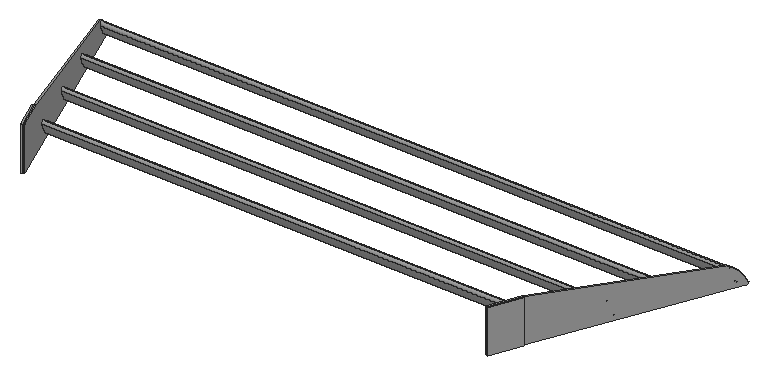
Revit family "SE-0006-FOI-2-6", category Curtain Panels, Revit 2015
Parameters (values of type "Right 112.5 - Left 112.5")
  Width [instance] = 5' - 4 1/2"
  Warning 2' = Label : Label
  Sun-Control Material = Aluminum
  Angle = SE-0006-FOI-2-6 : Right 112.5 - Left 112.5
  Analytic Construction = "<None>"
Types (25): name | Angle
  Right 90 - Left 112.5 | SE-0006-FOI-2-6 : Right 90 - Left 112.5
  Right 90 - Left 135 | SE-0006-FOI-2-6 : Right 90 - Left 135
  Right 112.5 - Left 90 | SE-0006-FOI-2-6 : Right 112.5 - Left 90
  Right 112.5 - Left 112.5 | SE-0006-FOI-2-6 : Right 112.5 - Left 112.5
  Right 112.5 - Left 135 | SE-0006-FOI-2-6 : Right 112.5 - Left 135
  Right 135 - Left 90 | SE-0006-FOI-2-6 : Right 135 - Left 90
  Right 135 - Left 112.5 | SE-0006-FOI-2-6 : Right 135 - Left 112.5
  Right 135 - Left 135 | SE-0006-FOI-2-6 : Right 135 - Left 135
  Right 45 - Left 45 | SE-0006-FOI-2-6 : Right 45 - Left 45
  Right 45 - Left 67.5 | SE-0006-FOI-2-6 : Right 45 - Left 67.5
  Right 45 - Left 90 | SE-0006-FOI-2-6 : Right 45 - Left 90
  Right 67.5 - Left 45 | SE-0006-FOI-2-6 : Right 67.5 - Left 45
  Right 67.5 - Left 67.5 | SE-0006-FOI-2-6 : Right 67.5 - Left 67.5
  Right 67.5 - Left 90 | SE-0006-FOI-2-6 : Right 67.5 - Left 90
  Right 90 - Left 45 | SE-0006-FOI-2-6 : Right 90 - Left 45
  Right 90 - Left 67.5 | SE-0006-FOI-2-6 : Right 90 - Left 67.5
  Right 45 - Left 112.5 | SE-0006-FOI-2-6 : Right 45 - Left 112.5
  Right 45 - Left 135 | SE-0006-FOI-2-6 : Right 45 - Left 135
  Right 67.5 - Left 112.5 | SE-0006-FOI-2-6 : Right 67.5 - Left 112.5
  Right 67.5 - Left 135 | SE-0006-FOI-2-6 : Right 67.5 - Left 135
  Right 112.5 - Left 45 | SE-0006-FOI-2-6 : Right 112.5 - Left 45
  Right 112.5 - Left 67.5 | SE-0006-FOI-2-6 : Right 112.5 - Left 67.5
  Right 135 - Left 45 | SE-0006-FOI-2-6 : Right 135 - Left 45
  Right 135 - Left 67.5 | SE-0006-FOI-2-6 : Right 135 - Left 67.5
  Right 90 - Left 90 | SE-0006-FOI-2-6 : Right 90 - Left 90
Reference planes (in)
  plane 1 "Front": y = 0
  plane 2: z = 0
  plane 3 "Center (Left/Right)": x = 0
  plane 4 "Left": x = -32.25
  plane 5 "Right": x = 32.25
  plane 6 "Top": z = 96
Text (in)
  text "Exterior" at (-54.29358, 31.38743, 0), in view "Ref. Level"
  text "Exterior" at (480, 41.53993, 89.60405), in view "Right"
  text "Exterior" at (-240, 57.82419, 105.78864), in view "Left"
Dimensions and locks (in)
  equal spacing: plane 4 "Left", plane 3 "Center (Left/Right)", plane 5 "Right"
  "Width": plane 4 "Left" to plane 5 "Right"
  aligned and locked: level to plane 2
  aligned and locked: plane 1 "Front" to nested 1
  aligned and locked: plane 3 "Center (Left/Right)" to nested 1
  aligned and locked: nested 1 to plane 6 "Top"
Nested families (in)
  nested 1: "SE-0006-FOI-2-6" at (6, 0, 93), Width <- "Width", type <- "Angle", Sun-Control Material <- "Sun-Control Material", type "Right 112.5 - Left 112.5"
    with Width 5' - 4 1/2", Sun-Control Material Aluminum, Minimum Width 5' - 4 1/2"
Definition of nested family "SE-0006-FOI-2-6"
  Parameters (values of type "Right 90 - Left 90")
    Left Short Depth = Left Depth - 0' 0 1/4"  # 2' - 5 3/4"
    Left Angle = 90.00°
    Minimum Width [instance] = if(and(Left Angle = 45.00°, Right Angle = 90.00°, Width < 2' 7"), 2' 7", if(and(Left Angle = 90.00°, Right Angle = 45.00°, Width < 2' 7"), 2' 7", if(and(Left Angle = 45.00°, Right Angle = 112.50°, Width < 1' 7"), 1' 7", if(and(Left Angle = 112.50°, Right Angle = 45.00°, Width < 1' 7"), 1' 7", if(and(Left Angle = 45.00°, Right Angle = 45.00°, Width < 5' 1"), 5' 1", if(and(Left Angle = 90.00°, Right Angle = 67.50°, Width < 1' 2"), 1' 2", if(and(Left Angle = 67.50°, Right Angle = 90.00°, Width < 1' 2"), 1' 2", if(and(Left Angle = 67.50°, Right Angle = 67.50°, Width < 2' 2"), 2' 2", if(and(Left Angle = 45.00°, Right Angle = 67.50°, Width < 3' 8"), 3' 8", if(and(Left Angle = 67.50°, Right Angle = 45.00°, Width < 3' 8"), 3' 8", Width))))))))))  # 8' - 0"
    Width [instance] = 8' - 0"
    Sun-Control Material [instance] = none
    Right Short Depth = Right Depth - 0' 0 1/4"  # 2' - 5 3/4"
    Right Depth = 2' - 6"
    Left Depth = 2' - 6"
    Right Angle = 90.00°
    Default Elevation = 4' - 0"
  Types (26): name | Left Short Depth | Left Angle | Minimum Width | Width | Right Short Depth | Right Depth | Left Depth | Right Angle
    (no name) | 2' - 5 3/4" | 90.00° | 8' - 0" | 8' - 0" | 2' - 5 3/4" | 2' - 6" | 2' - 6" | 90.00°
    Right 45 - Left 45 | 3' - 6 141/256" | 45.00° | 7' - 0" | 7' - 0" | 3' - 6 141/256" | 3' - 6 205/256" | 3' - 6 205/256" | 45.00°
    Right 45 - Left 67.5 | 2' - 8 3/8" | 67.50° | 5' - 0" | 5' - 0" | 3' - 6 141/256" | 3' - 6 205/256" | 2' - 8 5/8" | 45.00°
    Right 45 - Left 90 | 2' - 5 3/4" | 90.00° | 2' - 7" | 2' - 7" | 3' - 6 141/256" | 3' - 6 205/256" | 2' - 6" | 45.00°
    Right 45 - Left 112.5 | 2' - 8 17/256" | 112.50° | 8' - 0" | 8' - 0" | 3' - 6 141/256" | 3' - 6 205/256" | 2' - 8 81/256" | 45.00°
    Right 45 - Left 135 | 3' - 5 205/256" | 135.00° | 8' - 0" | 8' - 0" | 3' - 6 141/256" | 3' - 6 205/256" | 3' - 6 13/256" | 45.00°
    Right 67.5 - Left 45 | 3' - 6 141/256" | 45.00° | 8' - 0" | 8' - 0" | 2' - 8 3/8" | 2' - 8 5/8" | 3' - 6 205/256" | 67.50°
    Right 67.5 - Left 67.5 | 2' - 8 3/8" | 67.50° | 6' - 0" | 6' - 0" | 2' - 8 3/8" | 2' - 8 5/8" | 2' - 8 5/8" | 67.50°
    Right 67.5 - Left 90 | 2' - 5 3/4" | 90.00° | 8' - 0" | 8' - 0" | 2' - 8 3/8" | 2' - 8 5/8" | 2' - 6" | 67.50°
    Right 67.5 - Left 112.5 | 2' - 8 17/256" | 112.50° | 8' - 0" | 8' - 0" | 2' - 8 3/8" | 2' - 8 5/8" | 2' - 8 81/256" | 67.50°
    Right 67.5 - Left 135 | 3' - 5 205/256" | 135.00° | 8' - 0" | 8' - 0" | 2' - 8 3/8" | 2' - 8 5/8" | 3' - 6 13/256" | 67.50°
    Right 90 - Left 45 | 3' - 6 141/256" | 45.00° | 8' - 0" | 8' - 0" | 2' - 5 3/4" | 2' - 6" | 3' - 6 205/256" | 90.00°
    Right 90 - Left 67.5 | 2' - 8 3/8" | 67.50° | 1' - 2" | 1' - 2" | 2' - 5 3/4" | 2' - 6" | 2' - 8 5/8" | 90.00°
    Right 90 - Left 90 | 2' - 5 3/4" | 90.00° | 8' - 0" | 8' - 0" | 2' - 5 3/4" | 2' - 6" | 2' - 6" | 90.00°
    Right 90 - Left 112.5 | 2' - 8 17/256" | 112.50° | 8' - 0" | 8' - 0" | 2' - 5 3/4" | 2' - 6" | 2' - 8 81/256" | 90.00°
    Right 90 - Left 135 | 3' - 5 205/256" | 135.00° | 8' - 0" | 8' - 0" | 2' - 5 3/4" | 2' - 6" | 3' - 6 13/256" | 90.00°
    Right 112.5 - Left 45 | 3' - 6 141/256" | 45.00° | 1' - 7" | 1' - 0" | 2' - 8 17/256" | 2' - 8 81/256" | 3' - 6 205/256" | 112.50°
    Right 112.5 - Left 67.5 | 2' - 8 3/8" | 67.50° | 8' - 0" | 8' - 0" | 2' - 8 17/256" | 2' - 8 81/256" | 2' - 8 5/8" | 112.50°
    Right 112.5 - Left 90 | 2' - 5 3/4" | 90.00° | 8' - 0" | 8' - 0" | 2' - 8 17/256" | 2' - 8 81/256" | 2' - 6" | 112.50°
    Right 112.5 - Left 112.5 | 2' - 8 17/256" | 112.50° | 8' - 0" | 8' - 0" | 2' - 8 17/256" | 2' - 8 81/256" | 2' - 8 81/256" | 112.50°
    Right 112.5 - Left 135 | 3' - 5 205/256" | 135.00° | 8' - 0" | 8' - 0" | 2' - 8 17/256" | 2' - 8 81/256" | 3' - 6 13/256" | 112.50°
    Right 135 - Left 45 | 3' - 6 141/256" | 45.00° | 8' - 0" | 8' - 0" | 3' - 5 205/256" | 3' - 6 13/256" | 3' - 6 205/256" | 135.00°
    Right 135 - Left 67.5 | 2' - 8 3/8" | 67.50° | 8' - 0" | 8' - 0" | 3' - 5 205/256" | 3' - 6 13/256" | 2' - 8 5/8" | 135.00°
    Right 135 - Left 90 | 2' - 5 3/4" | 90.00° | 8' - 0" | 8' - 0" | 3' - 5 205/256" | 3' - 6 13/256" | 2' - 6" | 135.00°
    Right 135 - Left 112.5 | 2' - 8 17/256" | 112.50° | 8' - 0" | 8' - 0" | 3' - 5 205/256" | 3' - 6 13/256" | 2' - 8 81/256" | 135.00°
    Right 135 - Left 135 | 3' - 5 205/256" | 135.00° | 4' - 0" | 4' - 0" | 3' - 5 205/256" | 3' - 6 13/256" | 3' - 6 13/256" | 135.00°
  Reference planes (in)
    plane 1 "Center (Front/Back)": y = 0
    plane 2: z = 0
    plane 3: y = 28.51256
    plane 4: y = 30
    plane 5: y = 21.51256
    plane 6: y = 7.51256
    plane 7: z = 2.5
    plane 8: z = -2.5
    plane 9: x = 42
    plane 10: x = -54
    plane 11: y = 14.51256
    plane 12: x = -6
    plane 13: z = 3
    plane 14: z = -1.51256
  Forms (in)
    Sweep 1, solid, material <- "Sun-Control Material"
      path origin (-240, 30.25, -1.51256) x (0, 1, 0) y (-1, 0, 0)
        loop
          line (-8.73744, -184) -> (-8.73744, -284)
      profile origin (-6, 21.51256, -1.51256) x (0, 1, 0) y (0, 0, 1)
        loop
          arc (-1.13277, 1.46447) -> (-1.41421, 1.41421) -> (-1.46447, 1.13277) r 0.25
          arc (-1.46447, 1.13277) -> (-0.39775, -0.39775) -> (1.13277, -1.46447) r 5.30625
          arc (1.13277, -1.46447) -> (1.41421, -1.41421) -> (1.46447, -1.13277) r 0.25
          arc (1.46447, -1.13277) -> (0.39775, 0.39775) -> (-1.13277, 1.46447) r 5.30625
    Sweep 2, solid, material <- "Sun-Control Material"
      path origin (-240, 30.25, -1.51256) x (0, 1, 0) y (-1, 0, 0)
        loop
          line (-22.73744, -184) -> (-22.73744, -284)
      profile origin (-6, 7.51256, -1.51256) x (0, 1, 0) y (0, 0, 1)
        loop
          arc (-1.13277, 1.46447) -> (-1.41421, 1.41421) -> (-1.46447, 1.13277) r 0.25
          arc (-1.46447, 1.13277) -> (-0.39775, -0.39775) -> (1.13277, -1.46447) r 5.30625
          arc (1.13277, -1.46447) -> (1.41421, -1.41421) -> (1.46447, -1.13277) r 0.25
          arc (1.46447, -1.13277) -> (0.39775, 0.39775) -> (-1.13277, 1.46447) r 5.30625
    Extrusion 3, void
      sketch origin (-54, 0, 0) x (0, -1, 0) y (0, 0, 1)
        loop
          line (0.24272, 3.30555) -> (-53.08808, 3.30555) -> (-53.08808, -4.19445) -> (0.24272, -4.19445) -> (0.24272, 3.30555)
      from -0.375 to 40.64702
    Extrusion 4, void
      sketch origin (42, 42.5, 0) x (0, 1, 0) y (0, 0, 1)
        loop
          line (-44.5, 3.30555) -> (-44.5, -4.19445) -> (20.39744, -4.19445) -> (20.39744, 3.30555) -> (-44.5, 3.30555)
      from -0.375 to 37.309
    Sweep 5, solid, material <- "Sun-Control Material"
      path origin (-240, 30.25, -1.51256) x (0, 1, 0) y (-1, 0, 0)
        loop
          line (-15.73744, -184) -> (-15.73744, -284)
      profile origin (-6, 14.51256, -1.51256) x (0, 1, 0) y (0, 0, 1)
        loop
          arc (-1.13277, 1.46447) -> (-1.41421, 1.41421) -> (-1.46447, 1.13277) r 0.25
          arc (-1.46447, 1.13277) -> (-0.39775, -0.39775) -> (1.13277, -1.46447) r 5.30625
          arc (1.13277, -1.46447) -> (1.41421, -1.41421) -> (1.46447, -1.13277) r 0.25
          arc (1.46447, -1.13277) -> (0.39775, 0.39775) -> (-1.13277, 1.46447) r 5.30625
    Sweep 6, solid, material <- "Sun-Control Material"
      path origin (-240, 30.25, -1.51256) x (0, 1, 0) y (-1, 0, 0)
        loop
          line (-1.73744, -184) -> (-1.73744, -284)
      profile origin (-6, 28.51256, -1.51256) x (0, 1, 0) y (0, 0, 1)
        loop
          arc (-1.13277, 1.46447) -> (-1.41421, 1.41421) -> (-1.46447, 1.13277) r 0.25
          arc (-1.46447, 1.13277) -> (-0.39775, -0.39775) -> (1.13277, -1.46447) r 5.30625
          arc (1.13277, -1.46447) -> (1.41421, -1.41421) -> (1.46447, -1.13277) r 0.25
          arc (1.46447, -1.13277) -> (0.39775, 0.39775) -> (-1.13277, 1.46447) r 5.30625
  Cuts and joins
    Extrusion 3, Extrusion 4 cuts Sweep 2
    Extrusion 3, Extrusion 4 cuts Sweep 1
    Extrusion 3, Extrusion 4 cuts Sweep 5
    Extrusion 3, Extrusion 4 cuts Sweep 6
  Lines and regions (in)
    model lines, not visible
      curve 1: line (-18.34586, 28.51256, -38.4375) -> (-18.34586, 28.51256, -38.5)
    reference lines
      curve 2: line (-54, 0, 0) -> (-54, 39, 0)
      curve 3: line (-56, 45.96194, 0) -> (-56, 0, 0)
      curve 4: line (42, 42.5, 0) -> (42, 0, 0)
      curve 5: line (44, 43.13353, 0) -> (44, 0, 0)
      curve 6: line (42, 7.51256, 0) -> (42, 9.76256, 0)
      curve 7: line (42, 14.51256, 0) -> (42, 16.76256, 0)
      curve 8: line (42, 21.51256, 0) -> (42, 24.25, 0)
      curve 9: line (42, 28.51256, 0) -> (42, 29.5, 0)
      curve 10: line (-54, 28.51256, 0) -> (-54, 29.11171, 0)
      curve 11: line (-54, 21.51256, 0) -> (-54, 24.25, 0)
      curve 12: line (-54, 14.51256, 0) -> (-54, 16.01256, 0)
      curve 13: line (-54, 7.51256, 0) -> (-54, 9.26256, 0)
  Dimensions and locks (in)
    equal spacing: plane 7, plane 2, plane 8
    plane 4 to plane 1 "Center (Front/Back)" = 2' - 6"
    "Minimum Width": plane 10 to plane 9
    locked: nested 1 to plane 1 "Center (Front/Back)" at 0
    locked: nested 1 to plane 10 at 0
    locked: curve 2 to plane 10
    locked: plane 1 "Center (Front/Back)" to curve 2 at 0
    locked: curve 3 to plane 10 at 2
    locked: plane 1 "Center (Front/Back)" to curve 3 at 0
    locked: nested 2 to plane 1 "Center (Front/Back)" at 0
    locked: nested 2 to plane 9 at 0
    locked: plane 1 "Center (Front/Back)" to curve 4 at 0
    locked: plane 1 "Center (Front/Back)" to curve 5
    locked: plane 9 to curve 5 at 2
    locked: curve 4 to plane 9
    plane 3 to plane 5 = 0' - 7"
    plane 5 to plane 11 = 0' - 7"
    plane 11 to plane 6 = 0' - 7"
    equal spacing: plane 10, plane 12, plane 9
    locked: plane 13 to plane 2 at 3
    locked: plane 2 to plane 14 at 1.51256
    "Right Angle": angle plane 1 "Center (Front/Back)" to nested 1
    "Right Angle": angle plane 1 "Center (Front/Back)" to curve 2
    "Right Angle": angle plane 1 "Center (Front/Back)" to curve 3
    "Left Angle": angle curve 5 to plane 1 "Center (Front/Back)"
    "Left Angle": angle nested 2 to plane 1 "Center (Front/Back)"
    "Left Angle": angle curve 4 to plane 1 "Center (Front/Back)"
    aligned and locked: level to plane 2
    aligned and locked: Sweep 1 sketch curve to plane 5
    aligned and locked: Sweep 2 sketch curve to plane 6
    aligned and locked: curve 3 to Sweep 2 sketch curve
    aligned and locked: curve 3 to Sweep 1 sketch curve
    aligned and locked: curve 5 to Sweep 1 sketch curve
    aligned and locked: curve 5 to Sweep 5 sketch curve
    aligned and locked: curve 3 to Sweep 5 sketch curve
    aligned and locked: curve 5 to Sweep 2 sketch curve
    aligned and locked: curve 3 to Sweep 6 sketch curve
    aligned and locked: curve 5 to Sweep 6 sketch curve
    aligned and locked: nested 3 to curve 9
    aligned and locked: nested 3 to curve 10
    aligned and locked: plane 3 to nested 3
    aligned and locked: nested 4 to plane 5
    aligned and locked: nested 5 to plane 11
    aligned and locked: nested 6 to plane 6
    aligned and locked: nested 4 to curve 8
    aligned and locked: nested 4 to curve 11
    aligned and locked: nested 6 to curve 13
    aligned and locked: nested 6 to curve 6
    aligned and locked: nested 5 to curve 12
    aligned and locked: nested 5 to curve 7
    aligned and locked: plane 14 to nested 6
    aligned and locked: plane 14 to nested 4
    aligned and locked: plane 14 to nested 3
    aligned and locked: Sweep 5 sketch curve to plane 11
    aligned and locked: Sweep 6 sketch curve to plane 3
  Automatic sketch dimensions
    curve 1 to plane 3 = 0' - 0"
    curve 1 to plane 8 = 3' - 0"
    curve 1 to curve 1 = 0' - 0 1/16"
    curve 2 to Extrusion 3 sketch curve = 0' - 3.30555"
    Extrusion 3 sketch curve to curve 2 = 1' - 2.08808"
    curve 2 to Extrusion 3 sketch curve = 0' - 0.24272"
    Extrusion 3 sketch curve to curve 2 = 0' - 4.19445"
    Extrusion 4 sketch curve to curve 4 = 0' - 2"
    Extrusion 4 sketch curve to curve 4 = 0' - 4.19445"
    curve 4 to Extrusion 4 sketch curve = 1' - 8.39744"
    curve 4 to Extrusion 4 sketch curve = 0' - 3.30555"
    profile plane to Sweep 6 sketch curve = 0' - 3.35434"
    Sweep 6 sketch curve to level = 0' - 0.27513"
    profile plane to Sweep 6 sketch curve = 0' - 1.23744"
    Sweep 6 sketch curve to profile plane = 0' - 1.23744"
    Sweep 6 sketch curve to profile plane = 0' - 3.35434"
    Sweep 6 sketch curve to level = 0' - 2 3/4"
    Sweep 6 sketch curve to level = 0' - 4.8669"
    level to Sweep 6 sketch curve = 0' - 1.84177"
    Sweep 6 sketch curve to Sweep 6 sketch curve = 0' - 0.22703"
    Sweep 6 sketch curve to Sweep 6 sketch curve = 0' - 0"  (x3)
    profile plane to Sweep 1 sketch curve = 0' - 3.35434"
    Sweep 1 sketch curve to level = 0' - 0.27513"
    profile plane to Sweep 1 sketch curve = 0' - 1.23744"
    Sweep 1 sketch curve to profile plane = 0' - 1.23744"
    Sweep 1 sketch curve to profile plane = 0' - 3.35434"
    Sweep 1 sketch curve to level = 0' - 2 3/4"
    Sweep 1 sketch curve to level = 0' - 4.8669"
    level to Sweep 1 sketch curve = 0' - 1.84177"
    Sweep 1 sketch curve to Sweep 1 sketch curve = 0' - 0.22703"
    Sweep 1 sketch curve to Sweep 1 sketch curve = 0' - 0"  (x3)
    profile plane to Sweep 5 sketch curve = 0' - 3.35434"
    Sweep 5 sketch curve to level = 0' - 0.27513"
    profile plane to Sweep 5 sketch curve = 0' - 1.23744"
    Sweep 5 sketch curve to profile plane = 0' - 1.23744"
    Sweep 5 sketch curve to profile plane = 0' - 3.35434"
    Sweep 5 sketch curve to level = 0' - 2 3/4"
    Sweep 5 sketch curve to level = 0' - 4.8669"
    level to Sweep 5 sketch curve = 0' - 1.84177"
    Sweep 5 sketch curve to Sweep 5 sketch curve = 0' - 0.22703"
    Sweep 5 sketch curve to Sweep 5 sketch curve = 0' - 0"  (x3)
    profile plane to Sweep 2 sketch curve = 0' - 3.35434"
    Sweep 2 sketch curve to level = 0' - 0.27513"
    profile plane to Sweep 2 sketch curve = 0' - 1.23744"
    Sweep 2 sketch curve to profile plane = 0' - 1.23744"
    Sweep 2 sketch curve to profile plane = 0' - 3.35434"
    Sweep 2 sketch curve to level = 0' - 2 3/4"
    Sweep 2 sketch curve to level = 0' - 4.8669"
    level to Sweep 2 sketch curve = 0' - 1.84177"
    Sweep 2 sketch curve to Sweep 2 sketch curve = 0' - 0.22703"
    Sweep 2 sketch curve to Sweep 2 sketch curve = 0' - 0"  (x3)
    plane 6 to curve 6 = 0' - 0"
    curve 13 to plane 6 = 0' - 0"
    plane 11 to curve 7 = 0' - 0"
    curve 12 to plane 11 = 0' - 0"
    curve 11 to plane 5 = 0' - 0"
    plane 5 to curve 8 = 0' - 0"
    curve 9 to plane 3 = 0' - 0"
    curve 10 to plane 3 = 0' - 0"
    plane 6 to curve 13 = 0' - 1 3/4"
    curve 6 to curve 6 = 0' - 2 1/4"
    plane 11 to curve 12 = 0' - 1 1/2"
    curve 7 to curve 7 = 0' - 2 1/4"
    curve 8 to curve 8 = 0' - 2.73744"
    plane 5 to curve 11 = 0' - 2.73744"
    plane 3 to curve 10 = 0' - 0.59914"
    curve 9 to plane 4 = 0' - 0 1/2"
  Nested families (in)
    nested 1: "Plate_right" at (-54, 0, 0), Length <- "Right Short Depth", type "Plate_right"
      with Length 2' - 5 3/4"
    nested 2: "Plate_left" at (42, 0, 0) x (-1, 0, 0) z (0, 0, 1), Length <- "Left Short Depth", type "Plate_left"
      with Length 2' - 5 3/4"
    nested 3: "SS-109-3D" at (-54, 28.51256, -1.51256), type "SS-109-3D", detail levels fine
      with Lenght 8' - 0"
    nested 4: "SS-109-3D" at (-54, 21.51256, -1.51256), type "SS-109-3D", detail levels fine
      with Lenght 8' - 0"
    nested 5: "SS-109-3D" at (-54, 14.51256, -1.51256), type "SS-109-3D", detail levels fine
      with Lenght 8' - 0"
    nested 6: "SS-109-3D" at (-54, 7.51256, -1.51256), type "SS-109-3D", detail levels fine
      with Lenght 8' - 0"
  Definition of nested family "Plate_right"
    Parameters (values of type "Plate_right")
      Sun-Control Material = none
      Length [instance] = 2' - 11 3/4"
    Reference planes (in)
      plane 1 "Center (Front/Back)": y = 0
      plane 2: z = 0
      plane 3 "Center (Left/Right)": x = 0
    Forms (in)
      Sweep 1, solid, material <- "Sun-Control Material"
        path origin (24.49846, 19.13417, 0) x (-1, 0, 0) y (0, 1, 0)
          loop
            line (24.37346, -19.13417) -> (24.62346, -19.13417)
        profile origin (0, 0, 0) x (0, -1, 0) y (0, 0, 1)
          loop
            line (0, 3) -> (-4.5, 3) -> (-4.5, -3) -> (0, -3) -> (0, 0) -> (0, 3)
      Sweep 2, solid, material <- "Sun-Control Material"
        path origin (13.88949, 16.0727, 0) x (0.92388, -0.382683, 0) y (0.382683, 0.92388, 0)
          loop
            line (-6.33501, -20.02102) -> (-6.56598, -20.11669)
        profile origin (0.25, 0, 0) x (0, -1, 0) y (0, 0, 1)
          loop
            line (0, 3) -> (-4.53641, 3) -> (-33.37979, -0.04809)
            arc (-33.37979, -0.04809) -> (-34.91031, -1.11482) -> (-35.97703, -2.64533) r 5.30625
            arc (-35.97703, -2.64533) -> (-35.96056, -2.88478) -> (-35.75, -3) r 0.25
            line (-35.75, -3) -> (0, -3) -> (0, 3)
    Lines and regions (in)
      model lines, not visible
        curve 1: line (0, 0, 0) -> (0, 1.75, 0)
    Dimensions and locks (in)
      locked: Sweep 2 to Sweep 2 at 0.25
      "Length": Sweep 2 sketch curve to plane 1 "Center (Front/Back)"
      locked: Sweep 1 to Sweep 1 at 6
      locked: Sweep 2 sketch curve to Sweep 2 sketch curve at 6
      equal spacing: Sweep 2 sketch curve, plane 2, Sweep 2 sketch curve
      locked: Sweep 2 sketch curve to plane 1 "Center (Front/Back)" at 4.53641
      locked: plane 2 to Sweep 2 sketch curve at 2.75
      locked: plane 2 to Sweep 2 sketch curve at 4.8669
      locked: Sweep 2 sketch curve to Sweep 2 sketch curve at 4.59177
      aligned and locked: plane 2 to level
      aligned and locked: Sweep 2 to Sweep 1
      aligned and locked: Sweep 2 sketch curve to plane 1 "Center (Front/Back)"
    Automatic sketch dimensions
      curve 1 to plane 3 "Center (Left/Right)" = 0' - 0"
      plane 1 "Center (Front/Back)" to curve 1 = 0' - 0"
      curve 1 to curve 1 = 0' - 1 3/4"
      plane 1 "Center (Front/Back)" to Sweep 1 sketch curve = 0' - 0"
      Sweep 1 sketch curve to plane 3 "Center (Left/Right)" = 0' - 0 1/8"
      plane 3 "Center (Left/Right)" to Sweep 1 sketch curve = 0' - 0 1/8"
      Sweep 1 sketch curve to profile plane = 0' - 0"  (x2)
      profile plane to Sweep 1 sketch curve = 0' - 4 1/2"
      Sweep 1 sketch curve to profile plane = 0' - 3"
      profile plane to Sweep 1 sketch curve = 0' - 3"
      plane 1 "Center (Front/Back)" to Sweep 2 sketch curve = 0' - 0"  (x2)
      plane 3 "Center (Left/Right)" to Sweep 2 sketch curve = 0' - 0 1/8"
      Sweep 2 sketch curve to Sweep 2 sketch curve = 0' - 0.23097"
      Sweep 2 sketch curve to profile plane = 0' - 0.04809"
      Sweep 2 sketch curve to Sweep 2 sketch curve = 0' - 2.37021"
  Definition of nested family "Plate_left"
    Parameters (values of type "Plate_left")
      Sun-Control Material = none
      Length [instance] = 2' - 11 3/4"
    Reference planes (in)
      plane 1 "Center (Front/Back)": y = 0
      plane 2: z = 0
      plane 3 "Center (Left/Right)": x = 0
    Forms (in)
      Sweep 1, solid, material <- "Sun-Control Material"
        path origin (24.49846, 19.13417, 0) x (-1, 0, 0) y (0, 1, 0)
          loop
            line (24.37346, -19.13417) -> (24.62346, -19.13417)
        profile origin (0, 0, 0) x (0, -1, 0) y (0, 0, 1)
          loop
            line (0, 3) -> (-4.5, 3) -> (-4.5, -3) -> (0, -3) -> (0, 0) -> (0, 3)
      Sweep 2, solid, material <- "Sun-Control Material"
        path origin (13.88949, 16.0727, 0) x (0.92388, -0.382683, 0) y (0.382683, 0.92388, 0)
          loop
            line (-6.33501, -20.02102) -> (-6.56598, -20.11669)
        profile origin (0.25, 0, 0) x (0, -1, 0) y (0, 0, 1)
          loop
            line (0, 3) -> (-4.53641, 3) -> (-33.30427, -0.01399)
            arc (-33.30427, -0.01399) -> (-34.8809, -1.08563) -> (-35.97703, -2.64533) r 5.30625
            arc (-35.97703, -2.64533) -> (-35.96056, -2.88478) -> (-35.75, -3) r 0.25
            line (-35.75, -3) -> (0, -3) -> (0, 3)
    Lines and regions (in)
      model lines, not visible
        curve 1: line (0, 0, 0) -> (0, 3, 0)
    Dimensions and locks (in)
      locked: Sweep 2 to Sweep 2 at 0.25
      "Length": Sweep 2 sketch curve to plane 1 "Center (Front/Back)"
      locked: Sweep 2 sketch curve to Sweep 2 sketch curve at 6
      equal spacing: Sweep 2 sketch curve, plane 2, Sweep 2 sketch curve
      locked: Sweep 2 sketch curve to plane 1 "Center (Front/Back)" at 4.53641
      locked: plane 2 to Sweep 2 sketch curve at 4.8669
      locked: Sweep 2 sketch curve to Sweep 2 sketch curve at 4.59177
      locked: plane 2 to Sweep 2 sketch curve at 2.75
      aligned and locked: plane 2 to level
      aligned and locked: Sweep 2 to Sweep 1
    Automatic sketch dimensions
      curve 1 to plane 3 "Center (Left/Right)" = 0' - 0"
      plane 1 "Center (Front/Back)" to curve 1 = 0' - 0"
      curve 1 to curve 1 = 0' - 3"
      plane 1 "Center (Front/Back)" to Sweep 1 sketch curve = 0' - 0"
      Sweep 1 sketch curve to plane 3 "Center (Left/Right)" = 0' - 0 1/8"
      plane 3 "Center (Left/Right)" to Sweep 1 sketch curve = 0' - 0 1/8"
      Sweep 1 sketch curve to profile plane = 0' - 0"  (x2)
      profile plane to Sweep 1 sketch curve = 0' - 4 1/2"
      Sweep 1 sketch curve to profile plane = 0' - 3"
      profile plane to Sweep 1 sketch curve = 0' - 3"
      plane 1 "Center (Front/Back)" to Sweep 2 sketch curve = 0' - 0"  (x2)
      plane 3 "Center (Left/Right)" to Sweep 2 sketch curve = 0' - 0 1/8"
      Sweep 2 sketch curve to Sweep 2 sketch curve = 0' - 0.23097"
      Sweep 2 sketch curve to profile plane = 0' - 0"
      Sweep 2 sketch curve to profile plane = 0' - 0.01399"
      Sweep 2 sketch curve to Sweep 2 sketch curve = 0' - 2.44573"
  Definition of nested family "SS-109-3D"
    Parameters (values of type "SS-109-3D")
      Lenght [instance] = 1' - 10.56386"
    Reference planes (in)
      plane 1 "Center (Front/Back)": y = 0
      plane 2: z = 0
      plane 3 "Center (Left/Right)": x = 0
      plane 4: x = 22.56386
    Lines and regions (in)
      model lines, not visible
        curve 1: line (0, 0, 0) -> (22.56386, 0, 0)
    Dimensions and locks (in)
      "Lenght": plane 3 "Center (Left/Right)" to plane 4
      aligned and locked: plane 2 to level
      aligned and locked: plane 4 to curve 1
      aligned and locked: plane 1 "Center (Front/Back)" to curve 1
      aligned and locked: plane 3 "Center (Left/Right)" to curve 1
      aligned and locked: plane 1 "Center (Front/Back)" to nested 1
      aligned and locked: nested 1 to plane 2
    Nested families (in)
      nested 1: "SS-109-2D" at (0, 0, 0) x (0, 1, 0) z (1, 0, 0), type "SS-109-2D", detail levels fine
    Definition of nested family "SS-109-2D"
      Reference planes (in)
        plane 1 "Center (Front/Back)": y = 0
        plane 2: z = 0
        plane 3 "Center (Left/Right)": x = 0
